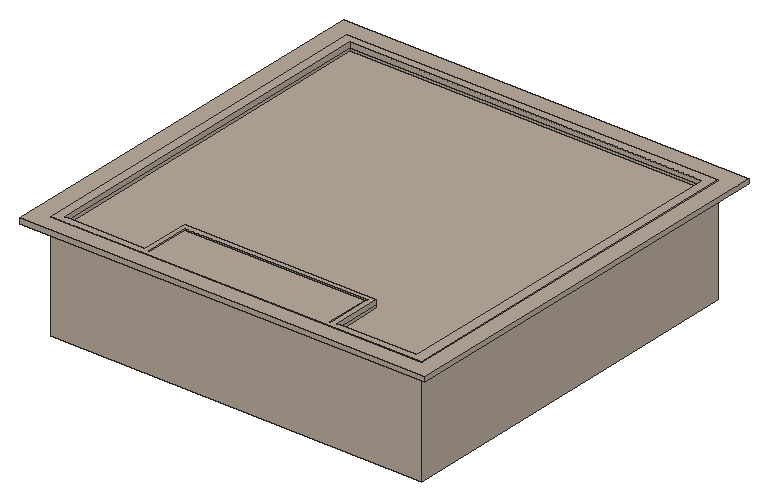
Revit family "Geräteeinsätze GES_Geräteeinsatz_GES9-3B_mit_Griffbügel", category Generic Models, Revit 2015
Parameters (values of type "GES9-3B U 1019")
  Width 2 = 242 mm
  Width = 264 mm
  URL = "http://www.obo-bettermann.com"
  Snur width = 117 mm
  Material = Plastic RAL 1019
  Manufacturer Art. No. = "7405081"
  Manufacturer = "OBO Bettermann"
  Height = 67 mm
  GTIN = "4012196460533"
  Article Type = "GES9-3B U 1019"
Types (4, lengths in mm): name | Material | Manufacturer Art. No. | GTIN | Article Type
  (no name) | Plastic RAL 1019 | "7405081" | "4012196460533" | "GES9-3B U 1019"
  GES9-3B U 9011 | Plastic RAL 9011 | "7405079" | "4012196460502" | "GES9-3B U 9011"
  GES9-3B U 7011 | Plastic RAL 7011 | "7405077" | "4012196460496" | "GES9-3B U 7011"
  GES9-3B U 1019 | Plastic RAL 1019 | "7405081" | "4012196460533" | "GES9-3B U 1019"
Reference planes
  plane 1 "Center (Front/Back)": y = 0
  plane 2: z = 0
  plane 3 "Center (Left/Right)": x = 0
  plane 4: z = -67
  plane 5: x = -132
  plane 6: x = 132
  plane 7: y = 132
  plane 8: y = -132
  plane 9: z = 3
  plane 10: y = 121
  plane 11: y = -121
  plane 12: x = -121
  plane 13: x = 121
  plane 14: y = -85
  plane 15: y = 116
  plane 16: x = -115
  plane 17: x = 115
  plane 18: z = -2
  plane 19: x = -98
  plane 20: x = 98
  plane 21: y = -104
  plane 22: y = 104
  plane 23: z = -9
  plane 24: x = -58.5
  plane 25: x = 58.5
  plane 26: y = -89.377
  plane 27: x = -59.5
  plane 28: y = -88
  plane 29: x = 59.5
  plane 30: y = -118
  plane 31: x = -62.5
  plane 32: x = 62.5
  plane 33: y = -117
Forms (mm)
  Extrusion 1, solid, material "Plastic RAL 1019" <- "Material"
    sketch origin (0, 0, 0) x (1, 0, 0) y (0, 1, 0)
      loop
        line (-132, 132) -> (-132, -132) -> (132, -132) -> (132, 132) -> (-132, 132)
    from 3 to 0
  Extrusion 2, solid, material "Plastic RAL 1019" <- "Material"
    sketch origin (0, 0, 0) x (1, 0, 0) y (0, 1, 0)
      loop
        line (-121, 121) -> (-121, -121) -> (121, -121) -> (121, 121) -> (-121, 121)
    from -67 to 3
  Extrusion 3, void
    sketch origin (0, 0, 0) x (1, 0, 0) y (0, 1, 0)
      loop
        line (98, 104) -> (-98, 104) -> (-98, -104) -> (98, -104) -> (98, 104)
    from -67 to -9
  Extrusion 4, void
    sketch origin (0, 0, 0) x (1, 0, 0) y (0, 1, 0)
      loop
        line (-59.5, -88) -> (-59.5, -118) -> (-58.5, -118) -> (-58.5, -89.377) -> (58.5, -89.377) -> (58.5, -118) -> (59.5, -118) -> (59.5, -88) -> (-59.5, -88)
    from -9 to 3
  Extrusion 5, void
    sketch origin (0, 0, 0) x (1, 0, 0) y (0, 1, 0)
      loop
        line (-115, 116) -> (-115, -117) -> (-62.5, -117) -> (-62.5, -85) -> (62.5, -85) -> (62.5, -117) -> (115, -117) -> (115, 116) -> (-115, 116)
    from -2 to 3
Cuts and joins
  Extrusion 3, Extrusion 4, Extrusion 5 cuts Extrusion 1
  Extrusion 3, Extrusion 4, Extrusion 5 cuts Extrusion 2
Lines and regions (mm)
  model lines
    curve 1: line (-132, -132, 0) -> (-132, 132, 0)
    curve 2: line (-132, 132, 0) -> (132, 132, 0)
    curve 3: line (132, 132, 0) -> (132, -132, 0)
    curve 4: line (132, -132, 0) -> (-132, -132, 0)
    curve 5: line (-121, 121, 0) -> (121, 121, 0)
    curve 6: line (121, 121, 0) -> (121, -121, 0)
    curve 7: line (121, -121, 0) -> (-121, -121, 0)
    curve 8: line (-121, -121, 0) -> (-121, 121, 0)
    curve 9: line (-115, 116, 0) -> (115, 116, 0)
    curve 10: line (115, 116, 0) -> (115, -117, 0)
    curve 11: line (62.5, -85, 0) -> (-62.5, -85, 0)
    curve 12: line (-115, -117, 0) -> (-115, 116, 0)
    curve 13: line (-98, 104, 0) -> (-98, -104, 0)
    curve 14: line (-98, -104, 0) -> (98, -104, 0)
    curve 15: line (98, -104, 0) -> (98, 104, 0)
    curve 16: line (98, 104, 0) -> (-98, 104, 0)
    curve 17: line (-58.5, -118, 0) -> (-58.5, -89.377, 0)
    curve 18: line (-58.5, -89.377, 0) -> (58.5, -89.377, 0)
    curve 19: line (58.5, -89.377, 0) -> (58.5, -118, 0)
    curve 20: line (59.5, -118, 0) -> (59.5, -88, 0)
    curve 21: line (59.5, -88, 0) -> (-59.5, -88, 0)
    curve 22: line (-59.5, -88, 0) -> (-59.5, -118, 0)
    curve 23: line (-59.5, -118, 0) -> (-58.5, -118, 0)
    curve 24: line (58.5, -118, 0) -> (59.5, -118, 0)
    curve 25: line (-62.5, -85, 0) -> (-62.5, -117, 0)
    curve 26: line (-115, -117, 0) -> (-62.5, -117, 0)
    curve 27: line (62.5, -117, 0) -> (62.5, -85, 0)
    curve 28: line (115, -117, 0) -> (62.5, -117, 0)
Dimensions and locks
  "Height": plane 4 to level
  locked: level to plane 9 at 3
  locked: plane 18 to plane 9 at 5
  locked: plane 23 to plane 9 at 12
  equal spacing: plane 5, plane 3 "Center (Left/Right)", plane 6
  "Width": plane 5 to plane 6
  equal spacing: plane 7, plane 1 "Center (Front/Back)", plane 8
  "Width": plane 7 to plane 8
  equal spacing: plane 12, plane 3 "Center (Left/Right)", plane 13
  "Width 2": plane 12 to plane 13
  equal spacing: plane 10, plane 1 "Center (Front/Back)", plane 11
  "Width 2": plane 10 to plane 11
  locked: plane 12 to plane 19 at 23
  locked: plane 20 to plane 13 at 23
  locked: plane 21 to plane 11 at 17
  locked: plane 10 to plane 22 at 17
  locked: plane 7 to plane 15 at 16
  locked: plane 14 to plane 8 at 47
  locked: plane 17 to plane 6 at 17
  locked: plane 5 to plane 16 at 17
  "Snur width": plane 24 to plane 25
  equal spacing: plane 24, plane 3 "Center (Left/Right)", plane 25
  locked: plane 27 to plane 24 at 1
  locked: plane 25 to plane 29 at 1
  locked: plane 28 to plane 26 at 1.377
  locked: plane 14 to plane 28 at 3
  locked: plane 28 to plane 30 at 30
  locked: plane 8 to plane 33 at 15
  locked: plane 31 to plane 27 at 3
  locked: plane 29 to plane 32 at 3
  aligned and locked: level to plane 2
  aligned and locked: plane 5 to curve 1
  aligned and locked: curve 2 to plane 7
  aligned and locked: curve 3 to plane 6
  aligned and locked: plane 8 to curve 4
  aligned and locked: Extrusion 1 sketch curve to curve 2
  aligned and locked: Extrusion 1 sketch curve to curve 3
  aligned and locked: Extrusion 1 sketch curve to curve 4
  aligned and locked: Extrusion 1 sketch curve to curve 1
  aligned and locked: Extrusion 1 to plane 9
  aligned and locked: level to Extrusion 1
  aligned and locked: curve 5 to plane 10
  aligned and locked: curve 6 to plane 13
  aligned and locked: plane 11 to curve 7
  aligned and locked: curve 8 to plane 12
  aligned and locked: Extrusion 2 sketch curve to curve 5
  aligned and locked: Extrusion 2 sketch curve to curve 8
  aligned and locked: Extrusion 2 sketch curve to curve 6
  aligned and locked: Extrusion 2 sketch curve to curve 7
  aligned and locked: Extrusion 2 to plane 4
  aligned and locked: plane 9 to Extrusion 2
  aligned and locked: curve 9 to plane 15
  aligned and locked: curve 10 to plane 17
  aligned and locked: plane 14 to curve 11
  aligned and locked: plane 16 to curve 12
  aligned and locked: curve 13 to plane 19
  aligned and locked: curve 14 to plane 21
  aligned and locked: plane 20 to curve 15
  aligned and locked: plane 22 to curve 16
  aligned and locked: Extrusion 3 sketch curve to curve 16
  aligned and locked: Extrusion 3 sketch curve to curve 13
  aligned and locked: Extrusion 3 sketch curve to curve 14
  aligned and locked: Extrusion 3 sketch curve to curve 15
  aligned and locked: Extrusion 3 to plane 4
  aligned and locked: plane 23 to Extrusion 3
  aligned and locked: curve 17 to plane 24
  aligned and locked: curve 18 to plane 26
  aligned and locked: curve 19 to plane 25
  aligned and locked: curve 20 to plane 29
  aligned and locked: curve 21 to plane 28
  aligned and locked: curve 22 to plane 27
  aligned and locked: curve 23 to plane 30
  aligned and locked: plane 30 to curve 24
  aligned and locked: Extrusion 4 sketch curve to curve 22
  aligned and locked: Extrusion 4 sketch curve to curve 17
  aligned and locked: Extrusion 4 sketch curve to curve 23
  aligned and locked: Extrusion 4 sketch curve to curve 18
  aligned and locked: Extrusion 4 sketch curve to curve 21
  aligned and locked: Extrusion 4 sketch curve to curve 19
  aligned and locked: Extrusion 4 sketch curve to curve 20
  aligned and locked: Extrusion 4 sketch curve to curve 24
  aligned and locked: Extrusion 4 to cut or joined group of Extrusion 2, Extrusion 3, Extrusion 4, Extrusion 5
  aligned and locked: plane 9 to Extrusion 4
  aligned and locked: plane 32 to curve 27
  aligned and locked: curve 25 to plane 31
  aligned and locked: curve 26 to curve 10
  aligned and locked: curve 28 to plane 33
  aligned and locked: Extrusion 5 sketch curve to curve 12
  aligned and locked: Extrusion 5 sketch curve to curve 26
  aligned and locked: Extrusion 5 sketch curve to curve 25
  aligned and locked: Extrusion 5 sketch curve to curve 11
  aligned and locked: Extrusion 5 sketch curve to curve 27
  aligned and locked: Extrusion 5 sketch curve to curve 28
  aligned and locked: Extrusion 5 sketch curve to curve 10
  aligned and locked: Extrusion 5 sketch curve to curve 9
  aligned and locked: Extrusion 5 to plane 18
  aligned and locked: plane 9 to Extrusion 5
Automatic sketch dimensions
  Extrusion 4 sketch curve to plane 27 = 0 mm
  curve 14 to plane 19 = 0 mm
